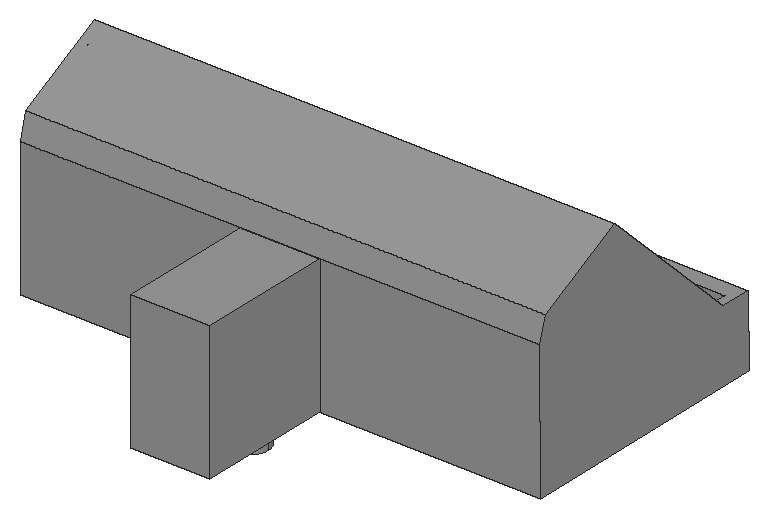
Revit family "Urinal-Willoughby-1800-UW-BS", category Plumbing Fixtures, Revit 2015
Parameters (values of type "1836")
  half width = Width / 2  # 1' - 6"
  Width = 3' - 0"
  Waste DIA = 2"
  Waste Connection = yes
  Vent Connection = no
  URL = "https://www.willoughby-ind.com/wp-content/uploads/2018/01/UW-1800.pdf"
  Type Comments = ""
  Revision = "A"
  Model = "UW-1896-BS"
  Manufacturer = "Willoughby Industries"
  HW Connection = no
  Flush Inlet DIA = 3/4"
  Flush Inlet Connection = yes
  Fixture Body = Stainless Steel AISI 304-Willoughby
  Description = "36\" Trough Urinal Back Spud"
  Default Elevation = 0' - 0"
  Contact Info. = "(800) 428-4065"
  CW Connection = no
  96 inch = no
  72 inch = no
  60 inch = no
  48 inch = no
  36 inch = yes
Types (6): name | half width | Width | Model | Flush Inlet DIA | Description | 96 inch | 72 inch | 60 inch | 48 inch | 36 inch
  (no name) | 1' - 6" | 3' - 0" | "UW-1896-BS" | 3/4" | "36\" Trough Urinal Back Spud" | no | no | no | no | yes
  1872 | 3' - 0" | 6' - 0" | "UW-1872-BS" | 1 1/2" | "72\" Trough Urinal Back Spud" | no | yes | no | no | no
  1896 | 4' - 0" | 8' - 0" | "UW-1896-BS" | 1 1/2" | "96\" Trough Urinal Back Spud" | yes | no | no | no | no
  1860 | 2' - 6" | 5' - 0" | "UW-1860-BS" | 3/4" | "60\" Trough Urinal Back Spud" | no | no | yes | no | no
  1848 | 2' - 0" | 4' - 0" | "UW-1896-BS" | 3/4" | "48\" Trough Urinal Back Spud" | no | no | no | yes | no
  1836 | 1' - 6" | 3' - 0" | "UW-1896-BS" | 3/4" | "36\" Trough Urinal Back Spud" | no | no | no | no | yes
Reference planes (in)
  plane 1 "Center (Front/Back)": y = 0
  plane 2: z = 0
  plane 3 "Center (Left/Right)": x = 0
  plane 4: x = 17.375
  plane 5: z = 14
  plane 6 "base": y = -9.5
  plane 7: x = -2.75
  plane 8: x = 2.75
  plane 9 "Waste": y = -2.25
  plane 10: y = 18
  plane 11 "Back Spud": y = 16.75
  plane 12: z = 9.5
  plane 13: y = 5.08704
  plane 14: x = 18
  plane 15: x = -17.375
  plane 16: x = -18
  plane 17: x = -18
  plane 18 "Floor level": y = -13.47583
Forms (in)
  Extrusion 1, solid, material "Stainless Steel AISI 304-Willoughby" <- "Fixture Body"
    sketch origin (0, 0, 0) x (1, 0, 0) y (0, 0, 1)
      loop
        line (-18, 5) -> (-18, 0) -> (18, 0) -> (18, 5) -> (-18, 5)
    from -18 to 0
  Extrusion 2, solid, material "Stainless Steel AISI 304-Willoughby" <- "Fixture Body"
    sketch origin (11.85095, 0, -0.06446) x (0, 1, 0) y (0, 0, 1)
      loop
        line (0, 5.06446) -> (15.75, 5.06446) -> (6.44952, 14.24569) -> (0.47673, 11.2593) -> (0, 9.56093) -> (0, 5.06446)
    from -29.85095 to 6.14905
  Extrusion 3, void, detail levels fine
    sketch origin (2.375, 0, -0.5) x (1, 0, 0) y (0, 0, 1)
      loop
        line (15, 14) -> (-19.75, 14) -> (-19.75, 2) -> (15, 2) -> (15, 14)
    from -5.08704 to -16.75
  Extrusion 4, solid, material "Stainless Steel AISI 304-Willoughby" <- "Fixture Body"
    sketch origin (0, 0, 0) x (0, 1, 0) y (0, 0, 1)
      loop
        line (0, 9.5) -> (-9.5, 9.5) -> (-9.5, 0) -> (0, 0) -> (0, 9.5)
    from -2.75 to 2.75
  Revolve 5, solid, material "Stainless Steel AISI 304-Willoughby" <- "Fixture Body"
    sketch origin (0, -2.25, -24) x (0, 0, -1) y (-1, 0, 0)
      loop
        line (-22, 0) -> (-22, 1) -> (-25, 1) -> (-25, 0) -> (-22, 0)
      axis (-25, 0) -> (-22, 0)
    angle from 0 to 360
  Extrusion 6, solid
    sketch origin (0, 0, 0) x (1, 0, 0) y (0, 1, 0)
      loop
        circle (0, 16.75) r 0.375
    from 0 to 1.5
Cuts and joins
  Extrusion 3 cuts Extrusion 1
  Extrusion 3 cuts Extrusion 2
  joined: Extrusion 1, Extrusion 2
Lines and regions (in)
  symbolic lines
    curve 1: line (30, 0, 0) -> (30, 0, 14)
    curve 2: line (30, 0, 14) -> (-18, 0, 14)
    curve 3: line (-18, 0, 14) -> (-18, 0, 0)
    curve 4: line (30, 0, 6.5) -> (-18, 0, 6.5)
    curve 5: line (-18, 0, 5) -> (30, 0, 5)
    curve 6: line (-18, 0, 0) -> (30, 0, 0)
    curve 7: line (18, 0, 0) -> (-18, 0, 0)
    curve 8: line (-18, 0, 0) -> (-18, 18, 0)
    curve 9: line (-18, 18, 0) -> (18, 18, 0)
    curve 10: line (18, 18, 0) -> (18, 0, 0)
    curve 11: line (2.75, 0, 0) -> (2.75, -9.5, 0)
    curve 12: line (2.75, -9.5, 0) -> (-2.75, -9.5, 0)
    curve 13: line (-2.75, -9.5, 0) -> (-2.75, 0, 0)
    curve 14: line (-18, 6.44952, 0) -> (18, 6.44952, 0)
    curve 21: line (-18, 5.08704, 0) -> (18, 5.08704, 0)
    curve 25: line (0, -9.5, 0) -> (0, 18, 0)
    curve 26: line (0, 18, 0) -> (0, 18, 5)
    curve 27: line (0, 18, 5) -> (0, 15.75, 5)
    curve 28: line (0, 15.75, 5) -> (0, 6.52901, 14.22099)
    curve 29: line (0, 6.52901, 14.22099) -> (0, 0.47673, 11.19485)
    curve 30: line (0, 0.47673, 11.19485) -> (0, 0, 9.49648)
    curve 31: line (0, 0, 9.49648) -> (0, 0, 0)
    curve 32: line (0, 0, 9.49648) -> (0, -9.5, 9.49648)
    curve 33: line (0, -9.5, 9.49648) -> (0, -9.5, 0)
  symbolic lines, detail levels fine
    curve 15: line (-17.375, 7.13961, 0) -> (-17.375, 16.75, 0)
    curve 16: line (-17.375, 16.75, 0) -> (17.375, 16.75, 0)
    curve 17: line (17.375, 16.75, 0) -> (17.375, 7.13961, 0)
    curve 18: line (17.375, 7.13961, 0) -> (-17.375, 7.13961, 0)
    curve 19: line (-18, 15.75, 0) -> (-17.375, 15.75, 0)
    curve 20: line (18, 15.75, 0) -> (17.375, 15.75, 0)
    curve 22: line (17.375, 0, 6.5) -> (17.375, 0, 13.5)
    curve 23: line (17.375, 0, 13.5) -> (-17.375, 0, 13.5)
    curve 24: line (-17.375, 0, 13.5) -> (-17.375, 0, 6.5)
Dimensions and locks (in)
  cut or joined group of Extrusion 1, Extrusion 2, Extrusion 3 to cut or joined group of Extrusion 1, Extrusion 2, Extrusion 3 = 3' - 0"
  cut or joined group of Extrusion 1, Extrusion 2, Extrusion 3 to cut or joined group of Extrusion 1, Extrusion 2, Extrusion 3 = 1' - 6"
  Extrusion 4 to cut or joined group of Extrusion 1, Extrusion 2, Extrusion 3 = 0' - 9 1/2"
  plane 1 "Center (Front/Back)" to plane 6 "base" = 0' - 9 1/2"
  plane 7 to plane 8 = 0' - 5 1/2"  (x2)
  locked: plane 10 to plane 11 "Back Spud" at 1.25
  plane 9 "Waste" to plane 6 "base" = 0' - 7 1/4"
  locked: plane 9 "Waste" to plane 1 "Center (Front/Back)" at 2.25
  plane 5 to level = 1' - 2"
  locked: plane 4 to plane 14 at 0.625
  "half width": plane 3 "Center (Left/Right)" to plane 14
  equal spacing: plane 17, plane 3 "Center (Left/Right)", plane 14
  locked: plane 17 to plane 15 at 0.625
  "Flush Inlet DIA": diameter of Extrusion 6 sketch curve
  aligned and locked: plane 7 to Extrusion 4
  aligned and locked: Extrusion 4 to plane 8
  aligned and locked: Extrusion 4 to level
  aligned and locked: plane 4 to Extrusion 3
  aligned and locked: plane 11 "Back Spud" to Extrusion 3
  aligned and locked: plane 1 "Center (Front/Back)" to Extrusion 1
  aligned and locked: plane 10 to Extrusion 1
  aligned and locked: plane 14 to Extrusion 2
  aligned and locked: Extrusion 1 to Extrusion 2  (x2)
  aligned and locked: plane 17 to plane 16
  aligned and locked: Extrusion 4 to curve 12  (x2)
  aligned and locked: Extrusion 4 to plane 6 "base"
  aligned and locked: Extrusion 4 to plane 1 "Center (Front/Back)"
  aligned and locked: Extrusion 3 to curve 16
  aligned and locked: Extrusion 3 to plane 15
  aligned and locked: Extrusion 3 to plane 13
  aligned and locked: Extrusion 1 to plane 16
  aligned and locked: Extrusion 6 to cut or joined group of Extrusion 1, Extrusion 2, Extrusion 3
Automatic sketch dimensions
  curve 14 to plane 16 = 0' - 0"
  curve 16 to plane 11 "Back Spud" = 0' - 0"
  curve 16 to plane 15 = 0' - 0"
  plane 1 "Center (Front/Back)" to curve 13 = 0' - 0"
  curve 11 to plane 6 "base" = 0' - 0"
  curve 9 to plane 10 = 0' - 0"
  curve 9 to plane 14 = 0' - 0"
  curve 21 to plane 13 = 0' - 0"
  plane 13 to curve 18 = 0' - 2.05257"
  curve 14 to curve 18 = 0' - 0.69009"
  curve 19 to plane 11 "Back Spud" = 0' - 1"
  curve 20 to plane 11 "Back Spud" = 0' - 1"
  curve 25 to level = 0' - 0"
  curve 25 to plane 6 "base" = 0' - 0"
  curve 32 to plane 1 "Center (Front/Back)" = 0' - 0"
  curve 26 to plane 10 = 0' - 0"
  curve 29 to plane 1 "Center (Front/Back)" = 0' - 0.47673"
  plane 5 to curve 29 = 0' - 0.22099"
  plane 13 to curve 29 = 0' - 1.44197"
  curve 28 to plane 11 "Back Spud" = 0' - 1"
  curve 27 to plane 12 = 0' - 4 1/2"
  curve 32 to plane 12 = 0' - 0.00352"
  plane 12 to curve 29 = 0' - 1.69485"
  curve 24 to plane 15 = 0' - 0"
  curve 23 to plane 4 = 0' - 0"
  plane 14 to curve 6 = 1' - 0"
  curve 2 to plane 5 = 0' - 0"
  curve 24 to plane 5 = 0' - 0 1/2"
  Extrusion 1 sketch curve to level = 0' - 0"
  plane 16 to Extrusion 1 sketch curve = 0' - 0"
  plane 14 to Extrusion 1 sketch curve = 0' - 0"
  Extrusion 1 sketch curve to plane 12 = 0' - 4 1/2"
  Extrusion 2 sketch curve to plane 1 "Center (Front/Back)" = 0' - 0"
  Extrusion 2 sketch curve to plane 1 "Center (Front/Back)" = 0' - 0.47673"
  plane 5 to Extrusion 2 sketch curve = 0' - 0.18124"
  plane 13 to Extrusion 2 sketch curve = 0' - 1.36248"
  Extrusion 2 sketch curve to plane 11 "Back Spud" = 0' - 1"
  plane 12 to Extrusion 2 sketch curve = 0' - 1.69485"
  Extrusion 2 sketch curve to plane 12 = 0' - 0.00352"
  Extrusion 2 sketch curve to Extrusion 2 sketch curve = 0' - 4.49648"
  Extrusion 3 sketch curve to plane 15 = 0' - 0"
  Extrusion 3 sketch curve to plane 4 = 0' - 0"
  level to Extrusion 3 sketch curve = 0' - 1 1/2"
  Extrusion 3 sketch curve to plane 5 = 0' - 0 1/2"
  Extrusion 4 sketch curve to plane 6 "base" = 0' - 0"
  Extrusion 4 sketch curve to level = 0' - 0"
  Extrusion 4 sketch curve to plane 1 "Center (Front/Back)" = 0' - 0"
  Extrusion 4 sketch curve to plane 12 = 0' - 0"
  Revolve 5 sketch curve to plane 3 "Center (Left/Right)" = 0' - 0"  (x2)
  level to Revolve 5 sketch curve = 0' - 1"
  Revolve 5 sketch curve to level = 0' - 2"
  Revolve 5 sketch curve to Revolve 5 sketch curve = 0' - 1"
  Revolve 5 sketch curve to Revolve 5 sketch curve = 0' - 0"  (x2)
  curve 5 to plane 12 = 0' - 4 1/2"
  curve 5 to curve 4 = 0' - 1 1/2"
  curve 4 to plane 16 = 0' - 0"
  curve 6 to level = 0' - 0"
  Extrusion 6 sketch curve to plane 3 "Center (Left/Right)" = 0' - 0"
  Extrusion 6 sketch curve to plane 11 "Back Spud" = 0' - 0"
Connectors (in)
  piping at (0, -2.25, -2), diameter 2, driven by "Waste Connection", driven by "Waste DIA"
    settings: on Revolve 5, index 2, connector inside diameter 24", connector length 0' - 0", flow factor 0, pipe flow 0 GPM, pressure drop 0.00 psi, fitting loss kfactor 0, connector angle 0.00°, fixture units 0, engagement length 0' - 0", angle of deflection 0.00°, flow configuration 0, flow direction 2, fitting loss method 0, system type 16, joint type 0, gender type 0, connector reference index -1, connector utility 1, adjustable connector no, is connector primary yes, connector description "Urinal Waste"
  piping at (0, 16.75, 0), diameter 0.75, driven by "Flush Inlet DIA"
    settings: on Extrusion 6, index 3, connector inside diameter 24", connector length 0' - 0", flow factor 0, pipe flow 1 GPM, pressure drop 0.00 psi, fitting loss kfactor 0, connector angle 0.00°, fixture units 0, engagement length 0' - 0", angle of deflection 0.00°, flow configuration 0, flow direction 0, fitting loss method 0, system type 7, joint type 0, gender type 0, connector reference index -1, connector utility 0, adjustable connector no, is connector primary no, connector description ""
